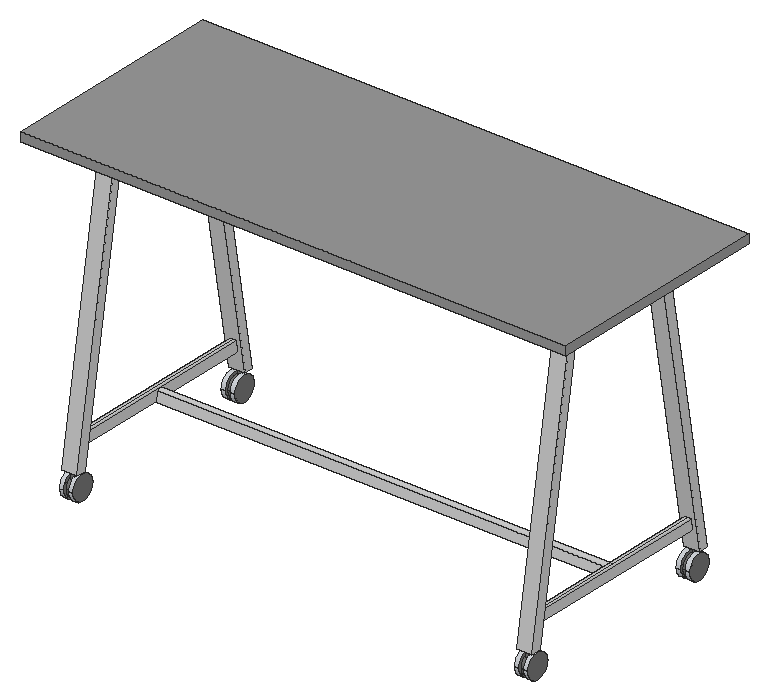
Revit family "Haworth_PopUp_Rectangle_Table_AP_PRELIMINARY", category Furniture, Revit 2018
Family settings
  OmniClass Number = 23.40.70.14.64.21
  OmniClass Title = Systems Furniture
  Work Plane-Based = No
  Always vertical = Yes
  Cut with Voids When Loaded = No
  Shared = No
  Room Calculation Point = No
Parameters (values of type "1800 x 750 x 1050")
  no Accent Plate [instance] = no
  Warranty = "http://www.haworth.com/resources/product-info/warranties"
  URL - Product = "https://www.haworth.com/ap/en/products/meeting-tables/popup.html"
  Type Comments = ""
  Table Finish [instance] = Haworth _ Laminate _ Undecided _ Tables
  Small = Depth < 500 mm  # no
  Plate Width = if(Depth = 450 mm, 65 mm, if(Depth = 600 mm, 115 mm, 190 mm))  # 190 mm
  Plate Length = Actual Width - 300 mm  # 1500 mm
  Plate Depth = Actual Depth - 370 mm  # 380 mm
  Model = "WOPURTXXXX"  # constant formula
  Low = no
  Leg Finish [instance] = Haworth _ Paint _ Undecided _ Table
  Min/Max Height = "915, 1050 mm"  # constant formula
  Large = not(Small)  # yes
  High = not(Low)  # yes
  Glides = not(Casters)  # no
  Foot Rail Finish [instance] = Haworth _ Paint _ Undecided _ Table
  Description = "Haworth - PopUp - Rectangle Table - AP Wood"  # constant formula
  Width = 1800 mm
  URL = "https://www.haworth.com/ap/en.html"
  Table Thickness = 30 mm  # constant formula
  Support Offset = 150 mm  # constant formula
  Size = "Verify Final Dim. w/ Haworth"  # constant formula
  Revision Number = "1"  # constant formula
  Min/Max Width = "1200, 1400, 1500, 1600, 1800 mm"  # constant formula
  Min/Max Depth = "450, 600, 750 mm"  # constant formula
  Min. Width = 1200 mm  # constant formula
  Max. Width = 1800 mm  # constant formula
  Min. Depth = 450 mm  # constant formula
  Max. Depth = 750 mm  # constant formula
  Manufacturer = "Haworth"  # constant formula
  Leg Height = Actual Height - Table Thickness  # 1020 mm
  Depth = 750 mm
  Custom Size = not(and(or(Depth = 450 mm, Depth = 600 mm, Depth = 750 mm), or(Width = 1200 mm, Width = 1400 mm, Width = 1500 mm, Width = 1600 mm, Width = 1800 mm)))  # no
  Casters = yes
  Caster Finish = Haworth _ Paint _ Metallic Gunmetal
  Bag Hook [instance] = yes
  Author = "Haworth (Alias, Abd Rahman)"  # constant formula
  Assembly Code = "E2020200"
  Actual Width = if(Width < Min. Width, Min. Width, if(Width > Max. Width, Max. Width, Width))  # 1800 mm
  Actual Height = if(Low, 915 mm, 1050 mm)  # 1050 mm
  Actual Depth = if(Depth > Max. Depth, Max. Depth, if(Depth < Min. Depth, Min. Depth, Depth))  # 750 mm
  Accent Plate [instance] = not(or(Depth < 500 mm, no Accent Plate))  # yes
Types (6, lengths in mm): name | no Accent Plate | Small | Plate Width | Plate Length | Plate Depth | Low | Large | High | Width | Leg Height | Depth | Actual Width | Actual Height | Actual Depth | Accent Plate
  1800 x 750 x 1050 | no | no | 190 | 1500 | 380 | no | yes | yes | 1800 | 1020 | 750 | 1800 | 1050 | 750 | yes
  1200 x 750 x 915 | no | no | 190 | 900 | 380 | yes | yes | no | 1200 | 885 | 750 | 1200 | 915 | 750 | yes
  1600 x 600 x 915 | no | no | 115 | 1300 | 230 | yes | yes | no | 1600 | 885 | 600 | 1600 | 915 | 600 | yes
  1400 x 600 x 1050 | no | no | 115 | 1100 | 230 | no | yes | yes | 1400 | 1020 | 600 | 1400 | 1050 | 600 | yes
  1500 x 450 x 915 | yes | yes | 65 | 1200 | 80 | yes | no | no | 1500 | 885 | 450 | 1500 | 915 | 450 | no
  1800 x 450 x 1050 | yes | yes | 65 | 1500 | 80 | no | no | yes | 1800 | 1020 | 450 | 1800 | 1050 | 450 | no
Reference planes
  plane 1 "Center F/B": y = 156
  plane 2: z = 0
  plane 3 "Center L/R": x = 140.4
  plane 4 "Table Left": x = -759.6
  plane 5 "Table Right": x = 1040.4
  plane 6 "Table Leg Left": x = -609.6
  plane 7 "Table Leg Right": x = 890.4
  plane 8 "Top": z = 1050
  plane 9 "Table Thick": z = 1020
  plane 10 "Bottom Stand 3": z = 150.812
  plane 11 "Top Stand 3": z = 188.912
  plane 12 "Back": y = 531
  plane 13 "Front": y = -219
  plane 14: y = -184.822
  plane 15: y = 496.822
  plane 16: x = 899.915
  plane 17: x = 880.865
  plane 18: x = -619.115
  plane 19: x = -600.065
  plane 20: y = 131
  plane 21: y = 181
  plane 22: z = 1018.571
  plane 23: x = -671.469
  plane 24: x = -670.453
  plane 25: z = 1005
  plane 26: y = -34
  plane 27: y = 346
Forms (mm)
  Extrusion 1, solid, material "Haworth _ Laminate _ Undecided _ Tables" <- "Table Finish"
    sketch origin (0, 0, 1050) x (-1, 0, 0) y (0, -1, 0)
      loop
        line (759.6, -531) -> (759.6, 219) -> (-1040.4, 219) -> (-1040.4, -531) -> (759.6, -531)
    from 0 to -30
  Extrusion 2, solid, material "Haworth _ Paint _ Undecided _ Table" <- "Foot Rail Finish"
    sketch origin (140.4, 0, 0) x (0, 1, 0) y (0, 0, 1)
      loop
        line (138.855, 150.812) -> (173.145, 150.812) -> (165.749, 178.414)
        arc (165.749, 178.414) -> (156, 185.895) -> (146.251, 178.414) r 10.093
        line (146.251, 178.414) -> (138.855, 150.812)
    from -750 to 750
  Extrusion 3, solid, material "Haworth _ Paint _ Undecided _ Table" <- "Foot Rail Finish"
    sketch origin (0, -219, 0) x (1, 0, 0) y (0, 0, 1)
      loop
        line (880.865, 150.812) -> (899.915, 150.812) -> (899.915, 183.852)
        arc (899.915, 183.852) -> (898.433, 187.43) -> (894.855, 188.912) r 5.06
        line (894.855, 188.912) -> (885.945, 188.912)
        arc (885.945, 188.912) -> (882.353, 187.425) -> (880.865, 183.832) r 5.08
        line (880.865, 183.832) -> (880.865, 150.812)
    from -715.822 to -34.178
  Extrusion 4, solid, material "Haworth _ Paint _ Undecided _ Table" <- "Foot Rail Finish"
    sketch origin (280.8, -219, 0) x (-1, 0, 0) y (0, 0, -1)
      loop
        line (880.865, -150.812) -> (880.865, -183.832)
        arc (880.865, -183.832) -> (882.353, -187.425) -> (885.945, -188.912) r 5.08
        line (885.945, -188.912) -> (894.855, -188.912)
        arc (894.855, -188.912) -> (898.433, -187.43) -> (899.915, -183.852) r 5.06
        line (899.915, -183.852) -> (899.915, -150.812) -> (880.865, -150.812)
    from -715.822 to -34.178
  Extrusion 5, solid, material "Haworth _ Paint _ Undecided _ Table" <- "Leg Finish", visible <- "Bag Hook"
    sketch origin (0, -219, 0) x (1, 0, 0) y (0, 0, 1)
      loop
        line (-706.805, 938.212) -> (-708.163, 937.52) -> (-694.475, 910.657)
        arc (-694.475, 910.657) -> (-680.191, 904.072) -> (-670.453, 916.424) r 12.703
        line (-670.453, 916.424) -> (-670.453, 1020) -> (-711.469, 1020) -> (-711.469, 1018.571) -> (-671.469, 1018.571) -> (-671.469, 916.183)
        arc (-671.469, 916.183) -> (-680.178, 905.136) -> (-692.953, 911.026) r 11.361
        line (-692.953, 911.026) -> (-706.805, 938.212)
    from -400 to -350
Lines and regions (mm)
  Masking region 1
    outline origin (0, 0, 1050) x (-1, 0, 0) y (0, -1, 0)
      loop
        line (759.6, -531) -> (759.6, 219) -> (-1040.4, 219) -> (-1040.4, -531) -> (759.6, -531)
Dimensions and locks
  "Support Offset": plane 4 "Table Left" to plane 6 "Table Leg Left"
  "Support Offset": plane 7 "Table Leg Right" to plane 5 "Table Right"
  "Actual Width": plane 4 "Table Left" to plane 5 "Table Right"
  equal spacing: plane 4 "Table Left", plane 3 "Center L/R", plane 5 "Table Right"
  "Actual Height": plane 8 "Top" to level
  "Table Thickness": plane 8 "Top" to plane 9 "Table Thick"
  equal spacing: plane 13 "Front", plane 1 "Center F/B", plane 12 "Back"
  "Actual Depth": plane 13 "Front" to plane 12 "Back"
  locked: plane 13 "Front" to plane 14 at 34.178
  locked: plane 15 to plane 12 "Back" at 34.178
  plane 17 to plane 7 "Table Leg Right" to plane 16 = 9.535 mm locked, 9.515 mm locked
  plane 19 to plane 6 "Table Leg Left" to plane 18 = 9.535 mm locked, 9.515 mm locked
  equal spacing: plane 21, plane 1 "Center F/B", plane 20, locked at 25 each
  plane 23 to plane 24 to plane 6 "Table Leg Left" = 1.016 mm locked, 60.853 mm locked
  locked: plane 9 "Table Thick" to plane 22 at 1.429
  locked: plane 25 to plane 9 "Table Thick" at 15
  "Plate Width": plane 26 to plane 1 "Center F/B"
  "Plate Width": plane 1 "Center F/B" to plane 27
  aligned and locked: Extrusion 1 sketch curve to plane 4 "Table Left"
  aligned and locked: Extrusion 1 sketch curve to plane 5 "Table Right"
  aligned and locked: plane 9 "Table Thick" to Extrusion 1
  aligned and locked: Extrusion 1 to plane 8 "Top"
  aligned and locked: plane 7 "Table Leg Right" to Extrusion 2
  aligned and locked: Extrusion 2 to plane 6 "Table Leg Left"
  aligned and locked: Extrusion 1 sketch curve to plane 12 "Back"
  aligned and locked: Extrusion 1 sketch curve to plane 13 "Front"
  aligned and locked: Masking region 1 sketch curve to plane 5 "Table Right"
  aligned and locked: Masking region 1 sketch curve to plane 12 "Back"
  aligned and locked: Masking region 1 sketch curve to plane 4 "Table Left"
  aligned and locked: Masking region 1 sketch curve to plane 13 "Front"
  aligned and locked: plane 7 "Table Leg Right" to nested 1
  aligned and locked: plane 13 "Front" to nested 1
  aligned and locked: nested 2 to plane 7 "Table Leg Right"
  aligned and locked: nested 2 to plane 12 "Back"
  aligned and locked: Extrusion 3 to plane 15
  aligned and locked: plane 14 to Extrusion 3
  aligned and locked: plane 6 "Table Leg Left" to nested 3
  aligned and locked: nested 3 to plane 13 "Front"
  aligned and locked: nested 4 to plane 6 "Table Leg Left"
  aligned and locked: plane 12 "Back" to nested 4
  aligned and locked: Extrusion 3 sketch curve to plane 11 "Top Stand 3"
  aligned and locked: Extrusion 3 sketch curve to plane 10 "Bottom Stand 3"
  aligned and locked: Extrusion 3 sketch curve to plane 16
  aligned and locked: Extrusion 3 sketch curve to plane 17
  aligned and locked: Extrusion 4 sketch curve to plane 18
  aligned and locked: Extrusion 4 sketch curve to plane 19
  aligned and locked: plane 11 "Top Stand 3" to Extrusion 4 sketch curve
  aligned and locked: plane 10 "Bottom Stand 3" to Extrusion 4 sketch curve
  aligned and locked: plane 14 to Extrusion 4
  aligned and locked: Extrusion 4 to plane 15
  aligned and locked: Extrusion 5 sketch curve to plane 9 "Table Thick"
  aligned and locked: Extrusion 5 to plane 20
  aligned and locked: Extrusion 5 to plane 21
  aligned and locked: Extrusion 5 sketch curve to plane 24
  aligned and locked: Extrusion 5 sketch curve to plane 23
  aligned and locked: Extrusion 5 sketch curve to plane 22
  aligned and locked: nested 5 to plane 1 "Center F/B"
  aligned and locked: plane 7 "Table Leg Right" to nested 5
  aligned and locked: nested 5 to plane 25
  aligned and locked: plane 25 to nested 6
  aligned and locked: plane 6 "Table Leg Left" to nested 6
  aligned and locked: plane 1 "Center F/B" to nested 6
  aligned and locked: nested 7 to plane 25
  aligned and locked: nested 7 to plane 26
  aligned and locked: plane 25 to nested 8
  aligned and locked: nested 8 to plane 27
  aligned and locked: plane 7 "Table Leg Right" to nested 7
  aligned and locked: nested 8 to plane 7 "Table Leg Right"
Automatic sketch dimensions
  Extrusion 2 sketch curve to plane 10 "Bottom Stand 3" = 0 mm
  Extrusion 2 sketch curve to plane 1 "Center F/B" = 0 mm
  plane 1 "Center F/B" to Extrusion 2 sketch curve = 9.749 mm
  plane 1 "Center F/B" to Extrusion 2 sketch curve = 17.145 mm
  Extrusion 2 sketch curve to plane 1 "Center F/B" = 9.749 mm
  Extrusion 2 sketch curve to plane 1 "Center F/B" = 17.145 mm
  Extrusion 2 sketch curve to plane 11 "Top Stand 3" = 13.111 mm
  Extrusion 2 sketch curve to Extrusion 2 sketch curve = 2.612 mm
  Extrusion 3 sketch curve to plane 7 "Table Leg Right" = 4.455 mm
  plane 7 "Table Leg Right" to Extrusion 3 sketch curve = 4.455 mm
  Extrusion 4 sketch curve to plane 6 "Table Leg Left" = 4.455 mm
  plane 6 "Table Leg Left" to Extrusion 4 sketch curve = 4.455 mm
  Extrusion 5 sketch curve to plane 4 "Table Left" = 51.437 mm
  Extrusion 5 sketch curve to Extrusion 5 sketch curve = 1.358 mm
  Extrusion 5 sketch curve to Extrusion 5 sketch curve = 13.688 mm
  Extrusion 5 sketch curve to Extrusion 5 sketch curve = 1.523 mm
  Extrusion 5 sketch curve to Extrusion 5 sketch curve = 9.796 mm
  Extrusion 5 sketch curve to Extrusion 5 sketch curve = 0.326 mm
  Extrusion 5 sketch curve to Extrusion 5 sketch curve = 40 mm
  Extrusion 5 sketch curve to Extrusion 5 sketch curve = 80.359 mm
  Extrusion 5 sketch curve to Extrusion 5 sketch curve = 0.692 mm
  Extrusion 5 sketch curve to Extrusion 5 sketch curve = 21.788 mm
  Extrusion 5 sketch curve to Extrusion 5 sketch curve = 0.241 mm
Nested families
  nested 1: "Haworth_PopUp-Leg_PART" at (890.4, -3.1, 0), Large Plate Control <- "Small", Small Plate Control <- "Large", type "Leg"
    with Small Plate Control yes, Large Plate Control no, Leg Height 1020 mm
  nested 2: "Haworth_PopUp-Leg_PART" at (890.4, 315.1, 0), Small Plate Control <- "Large", type "Leg"
    with Small Plate Control yes, Large Plate Control no, Leg Height 1020 mm
  nested 3: "Haworth_PopUp-Leg_PART" at (-609.6, -3.1, 0) x (-1, 0, 0) z (0, 0, 1), Large Plate Control <- "Small", Small Plate Control <- "Large", type "Leg"
    with Small Plate Control yes, Large Plate Control no, Leg Height 1020 mm
  nested 4: "Haworth_PopUp-Leg_PART" at (-609.6, 315.1, 0) x (-1, 0, 0) z (0, 0, 1), Small Plate Control <- "Large", type "Leg"
    with Small Plate Control yes, Large Plate Control no, Leg Height 1020 mm
  nested 5: "Haworth_PopUp-AccentPlate_PART" at (890.4, -8.039, 120), visible <- "Accent Plate", type "Accent Plate"
    with Actual Height 40 mm, Accent Plate Width 380 mm
  nested 6: "Haworth_PopUp-AccentPlate_PART" at (-609.6, -8.039, 120) x (-1, 0, 0) z (0, 0, 1), visible <- "Accent Plate", type "Accent Plate"
    with Actual Height 40 mm, Accent Plate Width 380 mm
  nested 7: "Haworth_PopUp-AccentPlate_PART" at (304.439, -34, 120) x (0, 1, 0) z (0, 0, 1), type "Plate"
    with Actual Height 40 mm, Accent Plate Width 1500 mm
  nested 8: "Haworth_PopUp-AccentPlate_PART" at (304.439, 346, 120) x (0, -1, 0) z (0, 0, 1), type "Plate"
    with Actual Height 40 mm, Accent Plate Width 1500 mm
Definition of nested family "Haworth_PopUp-Leg_PART"
  Parameters (values of type "Leg")
    Warranty = "http://www.haworth.com/resources/product-info/warranties"
    URL - Product = "https://www.haworth.com/products/tables/collaborative/popup"
    URL = "www.haworth.com"
    Table 41h = yes
    Table 36h = no
    Support Thickness = 7.938 mm  # constant formula
    Small Plate Control [instance] = yes
    Revision = "1"  # constant formula
    Model = "Haworth PopUp"  # constant formula
    Manufacturer = "Haworth"  # constant formula
    Leg Height = 1011.238 mm
    Leg Finish = none
    Large Plate Control [instance] = yes
    Glides = no
    Description = "Haworth - PopUp Table - Leg_Part"  # constant formula
    Depth = if(Table 41h, 205.978 mm, 183.753 mm)  # 205.978 mm
    Casters = yes
    Caster Finish = none
    Bottom Leg = if(Casters, 87.313 mm, 25.4 mm)  # 87.313 mm
    Author = "Haworth (Alias, Abd Rahman)"  # constant formula
    Assembly Code = ""
  Reference planes
    plane 1 "Back": y = -9.922
    plane 2: z = 0
    plane 3 "Center (Left/Right)": x = 0
    plane 4 "Top of Leg": z = 1011.237
    plane 5 "Right": x = 25.4
    plane 6 "Left": x = -25.4
    plane 7 "Front": y = -215.9
    plane 8 "Front Stand 1": through (0, -203.978, 76.2) normal (0, -0.9848, 0.1736)
    plane 9 "Back Stand 1": through (0, -174.274, 70.962) normal (0, -0.9848, 0.1736)
    plane 10 "Top of Stand": z = 1003.3
    plane 11 "Back Support": y = 33.413
    plane 12 "Right Support": x = 31.673
    plane 13 "Front Support": y = -68.187
    plane 14 "Left Support": x = -95.327
    plane 15 "Caster Height": z = 87.312
    plane 16 "Front Casters": y = -186.472
    plane 17: y = -199.37
    plane 18: y = 101.327
    plane 19: x = 69.85
    plane 20: x = -70.488
    plane 21: y = -101.873
  Forms (mm)
    Extrusion 1, solid, material <- "Leg Finish"
      sketch origin (-25.4, 0, 0) x (0, -1, 0) y (0, 0, 1)
        loop
          line (202.019, 87.312) -> (40.505, 1003.3) -> (9.877, 1003.3) -> (171.391, 87.312) -> (202.019, 87.312)
      from -50.8 to 0
    Extrusion 2, solid, material <- "Leg Finish", visible <- "Small Plate Control"
      sketch origin (0, 0, 1003.3) x (0, -1, 0) y (1, 0, 0)
        loop
          arc (-33.413, -88.977) -> (-31.553, -93.467) -> (-27.063, -95.327) r 6.35
          line (-27.063, -95.327) -> (61.837, -95.327)
          arc (61.837, -95.327) -> (66.327, -93.467) -> (68.187, -88.977) r 6.35
          line (68.187, -88.977) -> (68.187, 25.323)
          arc (68.187, 25.323) -> (66.327, 29.814) -> (61.837, 31.673) r 6.35
          line (61.837, 31.673) -> (-27.063, 31.673)
          arc (-27.063, 31.673) -> (-31.553, 29.814) -> (-33.413, 25.323) r 6.35
          line (-33.413, 25.323) -> (-33.413, -88.977)
      from 0 to 7.937
    Extrusion 3, solid, visible <- "Glides"
      sketch origin (0, 0, 1003.3) x (0, -1, 0) y (1, 0, 0)
        loop
          circle (199.37, 0) r 12.7
      from -1003.3 to -915.988
    Extrusion 4, solid, material <- "Leg Finish", visible <- "Large Plate Control"
      sketch origin (0, 0, 1003.3) x (0, -1, 0) y (1, 0, 0)
        loop
          arc (-101.327, -64.138) -> (-99.467, -68.628) -> (-94.977, -70.488) r 6.35
          line (-94.977, -70.488) -> (95.523, -70.488)
          arc (95.523, -70.488) -> (100.013, -68.628) -> (101.873, -64.138) r 6.35
          line (101.873, -64.138) -> (101.873, 63.5)
          arc (101.873, 63.5) -> (100.013, 67.99) -> (95.523, 69.85) r 6.35
          line (95.523, 69.85) -> (-94.977, 69.85)
          arc (-94.977, 69.85) -> (-99.467, 67.99) -> (-101.327, 63.5) r 6.35
          line (-101.327, 63.5) -> (-101.327, -64.138)
      from 0 to 7.937
  Lines and regions (mm)
    symbolic lines, detail levels medium+fine
      curve 1: line (-25.4, -215.9, 1003.3) -> (25.4, -215.9, 1003.3)
      curve 2: line (25.4, -215.9, 1003.3) -> (25.4, -9.922, 1003.3)
      curve 3: line (25.4, -9.922, 1003.3) -> (-25.4, -9.922, 1003.3)
      curve 4: line (-25.4, -9.922, 1003.3) -> (-25.4, -215.9, 1003.3)
    symbolic lines, visible <- "Small Plate Control", detail levels medium+fine
      curve 5: line (25.323, 33.413, 1003.3) -> (-88.977, 33.413, 1003.3)
      curve 6: arc (-88.977, 33.413, 1003.3) -> (-93.467, 31.553, 1003.3) -> (-95.327, 27.063, 1003.3) r 6.35
      curve 7: line (-95.327, 27.063, 1003.3) -> (-95.327, -61.837, 1003.3)
      curve 8: arc (-95.327, -61.837, 1003.3) -> (-93.467, -66.327, 1003.3) -> (-88.977, -68.187, 1003.3) r 6.35
      curve 9: line (-88.977, -68.187, 1003.3) -> (25.323, -68.187, 1003.3)
      curve 10: arc (25.323, -68.187, 1003.3) -> (29.814, -66.327, 1003.3) -> (31.673, -61.837, 1003.3) r 6.35
      curve 11: line (31.673, -61.837, 1003.3) -> (31.673, 27.063, 1003.3)
      curve 12: arc (31.673, 27.063, 1003.3) -> (29.814, 31.553, 1003.3) -> (25.323, 33.413, 1003.3) r 6.35
    symbolic lines, visible <- "Large Plate Control", detail levels medium+fine
      curve 13: line (69.85, -95.523, 1003.3) -> (69.85, 94.977, 1003.3)
      curve 14: arc (69.85, 94.977, 1003.3) -> (67.99, 99.467, 1003.3) -> (63.5, 101.327, 1003.3) r 6.35
      curve 15: line (63.5, 101.327, 1003.3) -> (-64.138, 101.327, 1003.3)
      curve 16: arc (-64.138, 101.327, 1003.3) -> (-68.628, 99.467, 1003.3) -> (-70.488, 94.977, 1003.3) r 6.35
      curve 17: line (-70.488, 94.977, 1003.3) -> (-70.488, -95.523, 1003.3)
      curve 18: arc (-70.488, -95.523, 1003.3) -> (-68.628, -100.013, 1003.3) -> (-64.138, -101.873, 1003.3) r 6.35
      curve 19: line (-64.138, -101.873, 1003.3) -> (63.5, -101.873, 1003.3)
      curve 20: arc (63.5, -101.873, 1003.3) -> (67.99, -100.013, 1003.3) -> (69.85, -95.523, 1003.3) r 6.35
  Dimensions and locks
    "Leg Height": plane 4 "Top of Leg" to level
    "Support Thickness": plane 4 "Top of Leg" to plane 10 "Top of Stand"
    "Bottom Leg": plane 15 "Caster Height" to plane 2
    "Depth": plane 7 "Front" to plane 1 "Back"
    aligned and locked: Extrusion 1 sketch curve to plane 9 "Back Stand 1"
    aligned and locked: plane 8 "Front Stand 1" to Extrusion 1 sketch curve
    aligned and locked: plane 10 "Top of Stand" to Extrusion 1 sketch curve
    aligned and locked: plane 5 "Right" to Extrusion 1
    aligned and locked: plane 6 "Left" to Extrusion 1
    aligned and locked: Extrusion 2 to plane 10 "Top of Stand"
    aligned and locked: plane 4 "Top of Leg" to Extrusion 2
    aligned and locked: Extrusion 2 sketch curve to plane 12 "Right Support"
    aligned and locked: Extrusion 2 sketch curve to plane 13 "Front Support"
    aligned and locked: Extrusion 2 sketch curve to plane 14 "Left Support"
    aligned and locked: Extrusion 2 sketch curve to plane 11 "Back Support"
    aligned and locked: Extrusion 1 sketch curve to plane 15 "Caster Height"
    aligned and locked: plane 3 "Center (Left/Right)" to Extrusion 3 sketch curve
    aligned and locked: Extrusion 3 to level
    aligned and locked: plane 15 "Caster Height" to Extrusion 3
    aligned and locked: nested 1 to plane 16 "Front Casters"
    aligned and locked: nested 1 to plane 3 "Center (Left/Right)"
    aligned and locked: plane 17 to Extrusion 3 sketch curve
    aligned and locked: plane 7 "Front" to curve 1
    aligned and locked: plane 5 "Right" to curve 2
    aligned and locked: plane 6 "Left" to curve 4
    aligned and locked: Extrusion 4 sketch curve to plane 19
    aligned and locked: Extrusion 4 sketch curve to plane 18
    aligned and locked: plane 20 to Extrusion 4 sketch curve
    aligned and locked: Extrusion 4 sketch curve to plane 21
    aligned and locked: Extrusion 4 to plane 10 "Top of Stand"
    aligned and locked: plane 4 "Top of Leg" to Extrusion 4
    aligned and locked: curve 7 to Extrusion 2
    aligned and locked: curve 8 to Extrusion 2
    aligned and locked: curve 10 to Extrusion 2
    aligned and locked: curve 12 to Extrusion 2
    aligned and locked: curve 13 to Extrusion 4
    aligned and locked: curve 15 to Extrusion 4
    aligned and locked: curve 17 to Extrusion 4
    aligned and locked: curve 19 to Extrusion 4
  Automatic sketch dimensions
    Extrusion 2 sketch curve to plane 11 "Back Support" = 6.35 mm  (x2)
    Extrusion 2 sketch curve to plane 13 "Front Support" = 6.35 mm  (x2)
    plane 1 "Back" to curve 3 = 0 mm
    Extrusion 4 sketch curve to Extrusion 4 sketch curve = 6.35 mm  (x2)
    Extrusion 4 sketch curve to plane 18 = 6.35 mm
    Extrusion 4 sketch curve to plane 21 = 6.35 mm
    curve 5 to curve 6 = 6.35 mm
    curve 15 to curve 16 = 6.35 mm
    curve 13 to plane 18 = 6.35 mm
    curve 18 to curve 18 = 6.35 mm
    curve 20 to curve 20 = 6.35 mm
    radius of Extrusion 3 sketch curve = 12.7 mm
  Nested families
    nested 1: "Haworth_3in Caster_Part" at (0, -186.472, 0) x (-1, 0, 0) z (0, 0, 1), visible <- "Casters", type "Haworth_3in Caster_Part"
  Definition of nested family "Haworth_3in Caster_Part"
    Parameters (values of type "Haworth_3in Caster_Part")
      Caster Finish = none
      Cart Leg Finish = none
      Assembly Code = ""
    Reference planes
      plane 1 "Center (Front/Back)": y = 0
      plane 2: z = 0
      plane 3 "Center (Left/Right)": x = 0
    Forms (mm)
      Extrusion 1, solid
        sketch origin (0, 0, -0.538) x (0, 1, 0) y (0, 0, 1)
          loop
            circle (-12.369, 40.225) r 39.688
        from 22.225 to 7.938
      Extrusion 2, solid
        sketch origin (0, 0, -0.538) x (0, 1, 0) y (0, 0, 1)
          loop
            circle (-12.369, 40.225) r 39.688
        from -22.225 to -7.938
      Extrusion 3, solid, material <- "Cart Leg Finish"
        sketch origin (0, 0, 0) x (0, 1, 0) y (0, 0, 1)
          loop
            circle (-12.369, 39.687) r 33.338
        from -7.938 to 7.938
      Extrusion 4, solid, material <- "Cart Leg Finish"
        sketch origin (0, 0, 0) x (1, 0, 0) y (0, 1, 0)
          loop
            circle (0, 0) r 6.35
        from 61.913 to 87.313
    Cuts and joins
      joined: Extrusion 3, Extrusion 4
    Dimensions and locks
      plane 3 "Center (Left/Right)" to Extrusion 2 = 7.938 mm
      Extrusion 1 to plane 3 "Center (Left/Right)" = 22.225 mm
Definition of nested family "Haworth_PopUp-AccentPlate_PART"
  Parameters (values of type "Accent Plate")
    Warranty = "http://www.haworth.com/resources/product-info/warranties"
    URL - Product = "https://www.haworth.com/products/tables/collaborative/popup"
    URL = "www.haworth.com"
    Revision = "1"  # constant formula
    Model = "Haworth PopUp"  # constant formula
    Manufacturer = "Haworth"  # constant formula
    Leg Height = 885 mm
    Leg Finish = none
    Description = "Haworth - PopUp Table - Accent Plate - Part"  # constant formula
    Bottom Leg = 87.313 mm
    Author = "Haworth (Abd Rahman)"  # constant formula
    Assembly Code = ""
    Actual Height = 30 mm
    Actual Depth = 20 mm
    Accent Plate Width = 400 mm
  Reference planes
    plane 1: y = -35.961
    plane 2: z = 0
    plane 3 "Center (Left/Right)": x = 0
    plane 4 "Top of Leg": z = 885
    plane 5 "Front Stand 1": through (0, -203.978, 76.2) normal (0, -0.9848, 0.1736)
    plane 6 "Back Stand 1": through (0, -174.274, 70.962) normal (0, -0.9848, 0.1736)
    plane 7 "Left Support": x = -10
    plane 8 "Caster Height": z = 87.312
    plane 9: x = 10
    plane 10: y = 364.039
    plane 11: y = 164.039
    plane 12: z = 855
  Forms (mm)
    Extrusion 1, solid, material <- "Leg Finish"
      sketch origin (-77.377, -13.08, 11.894) x (1, 0, 0) y (0, 0, 1)
        loop
          line (67.377, 843.106) -> (87.377, 843.106) -> (87.377, 868.046)
          arc (87.377, 868.046) -> (85.895, 871.624) -> (82.317, 873.106) r 5.06
          line (82.317, 873.106) -> (72.457, 873.106)
          arc (72.457, 873.106) -> (68.865, 871.618) -> (67.377, 868.026) r 5.08
          line (67.377, 868.026) -> (67.377, 843.106)
      from 22.881 to -377.119
  Lines and regions (mm)
    Masking region 1
      outline origin (0, 0, 877.063) x (0, -1, 0) y (1, 0, 0)
        loop
          line (-364.039, -10) -> (35.961, -10) -> (35.961, 10) -> (-364.039, 10) -> (-364.039, -10)
  Dimensions and locks
    "Leg Height": plane 4 "Top of Leg" to level
    "Bottom Leg": plane 8 "Caster Height" to plane 2
    equal spacing: plane 7 "Left Support", plane 3 "Center (Left/Right)", plane 9
    equal spacing: plane 1, plane 11, plane 10
    "Accent Plate Width": plane 1 to plane 10
    "Actual Height": plane 4 "Top of Leg" to plane 12
    "Actual Depth": plane 7 "Left Support" to plane 9
    aligned and locked: Extrusion 1 to plane 10
    aligned and locked: Extrusion 1 to plane 7 "Left Support"
    aligned and locked: plane 9 to Extrusion 1
    aligned and locked: plane 1 to Extrusion 1
    aligned and locked: plane 4 "Top of Leg" to Extrusion 1
    aligned and locked: plane 12 to Extrusion 1  (x2)
    aligned and locked: Masking region 1 sketch curve to plane 1
    aligned and locked: Masking region 1 sketch curve to plane 9
    aligned and locked: Masking region 1 sketch curve to plane 7 "Left Support"
    aligned and locked: plane 10 to Masking region 1 sketch curve
    aligned and locked: Extrusion 1 sketch curve to plane 7 "Left Support"
    aligned and locked: plane 9 to Extrusion 1 sketch curve
    aligned and locked: Extrusion 1 sketch curve to plane 4 "Top of Leg"
    aligned and locked: plane 12 to Extrusion 1 sketch curve
  Automatic sketch dimensions
    Extrusion 1 sketch curve to Extrusion 1 sketch curve = 5.08 mm
    Extrusion 1 sketch curve to plane 7 "Left Support" = 14.94 mm
